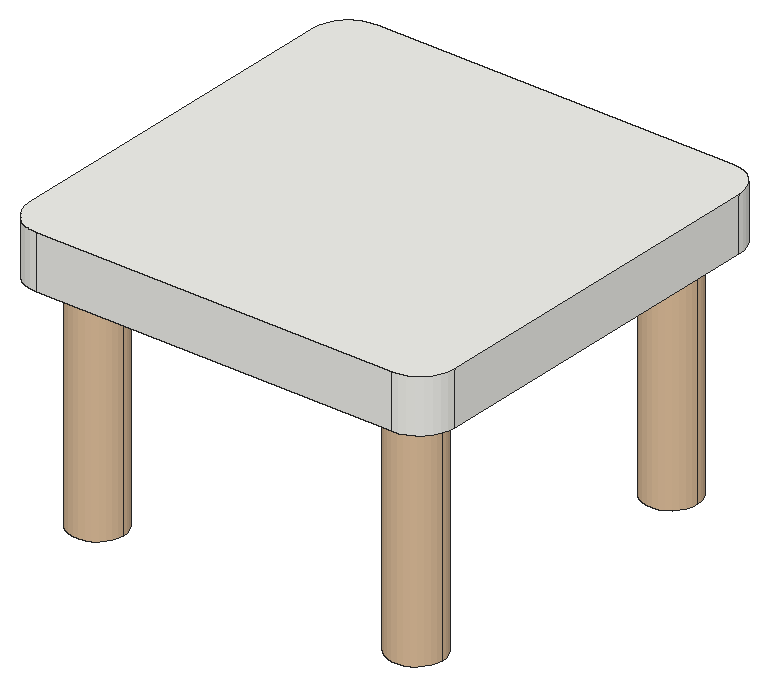
Revit family "RYN_FUR_Table", category Furniture, Revit 2025
Family settings
  Work Plane-Based = No
  Enable Cutting in Views = No
  Always vertical = Yes
  Cut with Voids When Loaded = No
  Render Appearance Source = Family Geometry
  Shared = Yes
  Room Calculation Point = No
Parameters (values of type "L610 x W610 x H400 mm")
  Default Elevation = 0.00 mm
  Base Material = Wood - Birch
  Height = 400.00 mm
  Length = 610.00 mm
  Top Material = Laminate - Ivory,Matte
  Width = 610.00 mm
Reference planes
  plane 1: y = 152.4
  plane 2: z = 0
  plane 3 "Left": x = 3.734
  plane 4 "Right": x = 613.734
  plane 5 "Back": y = 457.4
  plane 6 "Front": y = -152.6
  plane 7: x = 308.734
Forms (mm)
  Extrusion 1, solid, material "Laminate - Ivory,Matte" <- "Top Material"
    sketch origin (0, 0, 0) x (1, 0, 0) y (0, 1, 0)
      loop
        line (54.534, -152.6) -> (562.934, -152.6)
        arc (562.934, -152.6) -> (598.855, -137.721) -> (613.734, -101.8) r 50.8
        line (613.734, -101.8) -> (613.734, 406.6)
        arc (613.734, 406.6) -> (598.855, 442.521) -> (562.934, 457.4) r 50.8
        line (562.934, 457.4) -> (54.534, 457.4)
        arc (54.534, 457.4) -> (18.613, 442.521) -> (3.734, 406.6) r 50.8
        line (3.734, 406.6) -> (3.734, -101.8)
        arc (3.734, -101.8) -> (18.613, -137.721) -> (54.534, -152.6) r 50.8
    from 323.8 to 400
  Extrusion 2, solid, material "Wood - Birch" <- "Base Material"
    sketch origin (0, 0, 0) x (1, 0, 0) y (0, 1, 0)
      loop
        circle (79.934, 381.2) r 38.1
      loop
        circle (79.934, -76.4) r 38.1
      loop
        circle (537.534, -76.4) r 38.1
      loop
        circle (537.534, 381.2) r 38.1
    from 0 to 323.8
Lines and regions (mm)
  Masking region 1
    outline origin (0, 0, 0) x (1, 0, 0) y (0, 1, 0)
      loop
        arc (54.534, 457.4) -> (18.613, 442.521) -> (3.734, 406.6) r 50.8
        line (3.734, 406.6) -> (3.734, -101.8)
        arc (3.734, -101.8) -> (18.613, -137.721) -> (54.534, -152.6) r 50.8
        line (54.534, -152.6) -> (562.934, -152.6)
        arc (562.934, -152.6) -> (598.855, -137.721) -> (613.734, -101.8) r 50.8
        line (613.734, -101.8) -> (613.734, 406.6)
        arc (613.734, 406.6) -> (598.855, 442.521) -> (562.934, 457.4) r 50.8
        line (562.934, 457.4) -> (54.534, 457.4)
Dimensions and locks
  locked: Extrusion 1 to Extrusion 1 at 76.2
  "Height": Extrusion 1 to plane 2
  locked: Extrusion 1 to Extrusion 2 sketch curve at 76.2  (x8)
  "Width": plane 5 "Back" to plane 6 "Front"
  "Length": plane 3 "Left" to plane 4 "Right"
  equal spacing: plane 5 "Back", plane 1, plane 6 "Front"
  equal spacing: plane 3 "Left", plane 7, plane 4 "Right"
  radius of Extrusion 1 sketch curve = 50.80 mm  (x4)
  aligned and locked: plane 2 to level
  aligned and locked: plane 6 "Front" to Extrusion 1 sketch curve
  aligned and locked: Extrusion 2 to Extrusion 1
  aligned and locked: Masking region 1 sketch curve to plane 5 "Back"
  aligned and locked: plane 3 "Left" to Masking region 1 sketch curve
  aligned and locked: plane 4 "Right" to Masking region 1 sketch curve
  aligned and locked: Masking region 1 sketch curve to plane 6 "Front"
  aligned: Masking region 1 sketch curve to Extrusion 1
Automatic sketch dimensions
  Extrusion 2 sketch curve to Extrusion 2 sketch curve = 38.10 mm  (x4)
  Extrusion 1 sketch curve to plane 3 "Left" = 0.00 mm
  Extrusion 1 sketch curve to plane 4 "Right" = 0.00 mm
  Extrusion 1 sketch curve to plane 5 "Back" = 0.00 mm
  plane 3 "Left" to Masking region 1 sketch curve = 50.80 mm  (x2)
  plane 4 "Right" to Masking region 1 sketch curve = 50.80 mm  (x2)
